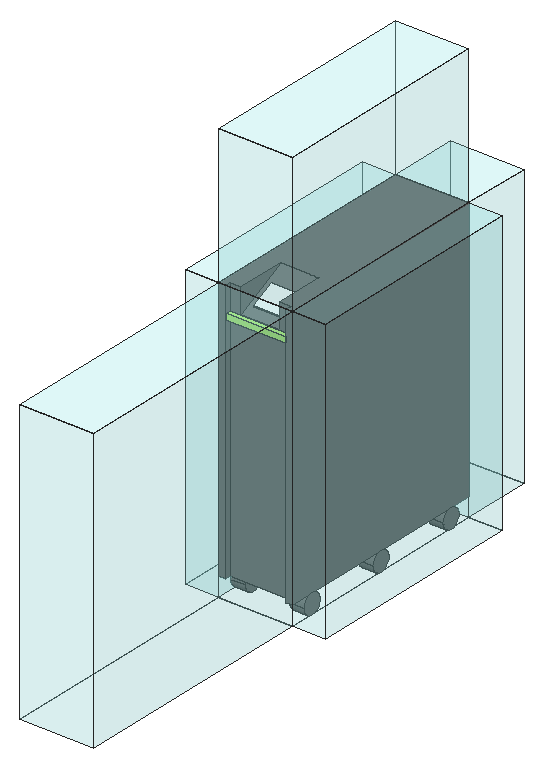
Revit family "Legrand-Ups-Keor_T_EVO-10_20kVA", category Installations électriques, Revit 2018
Family settings
  Conserver l'orientation des annotations = Non
  Cote de connecteur circulaire = Utiliser le diamètre
  Type d'élément = Normal
  Numéro OmniClass = 23.80.10.17.34
  Titre OmniClass = Static Uninterruptible Power Supplies
  Basée sur le plan de construction = Non
  Toujours verticalement = Oui
  Couper avec des vides une fois chargée = Non
  Partagée = Non
  Point de calcul de pièce = Non
Parameters (values of type "LG-310274")
  Visibilità aree d'installazione = yes
  URL = "https://ups.legrand.com/en/products/keor-t-keor-t-evo"
  General Conditions of Use = "https://export.legrand.com/en/terms-of-use-BIM-objects"
  Fabricant = "LEGRAND"
  Output power factor = 1
  Output Voltage = "380,400,415 Vac"
  Operating temperature = "from 0°C to +40°C"
  Operating altitude = "up to 1000 m altitude without derating"
  Modèle = "KEOR T EVO"
  Max sound pressure level = "< 51 dB at 1m"
  Installation type = "On the floor"
  Installation space = 0.20 m³
  Input / Output phase configuration = "3ph+N+PE / 3ph+N+PE"
  Humidity = "20-95% not condensing"
  Frequency of use = "50 Hz or 60 Hz selectable"
  Connection constraint (signal) = "Ahead and above/bottom"
  Connection constraint = "Behind and Bottom"
  Conductors = "Cables"
  Cabinet Depth = 800 mm
  Nominal Power = 15 kVA
  Weight = 163.0 kg
  Cabinet Width = 265 mm
  Back Clearance = 250 mm
  Side Clearance = 120 mm
  Front Clearance = 900 mm
  Cabinet Height = 1020 mm
  Active power of use = 15 kW
Types (9, lengths in mm): name | Nominal Power | Weight | Active power of use
  (no name) | 10 kVA | 78.0 kg | 10 kW
  LG-310270 | 10 kVA | 78.0 kg | 10 kW
  LG-310271 | 10 kVA | 145.0 kg | 10 kW
  LG-310272 | 10 kVA | 168.0 kg | 10 kW
  LG-310273 | 15 kVA | 79.0 kg | 15 kW
  LG-310274 | 15 kVA | 163.0 kg | 15 kW
  LG-310275 | 15 kVA | 180.0 kg | 15 kW
  LG-310276 | 20 kVA | 84.0 kg | 20 kW
  LG-310277 | 20 kVA | 185.0 kg | 20 kW
Reference planes
  plane 1 "Centro (Fronte/Retro)": y = 0
  plane 2: z = 0
  plane 3 "Centro (Sinistra/Destra)": x = 0
  plane 4: x = 132.5
  plane 5: x = -132.5
  plane 6: y = 400
  plane 7 "Piano Frontale": y = -400
  plane 8 "PIANO TETTO ARMADIO": z = 1020
  plane 9: z = 1520
  plane 10: y = -1300
  plane 11: x = 252.5
  plane 12: x = -252.5
  plane 13: y = 650
  plane 14: x = -70
  plane 15: x = 70
  plane 16: x = 50
  plane 17: x = -50
  plane 18: x = -80
  plane 19: x = 80
Forms (mm)
  Extrusion 1, solid
    sketch origin (0, 0, 0) x (1, 0, 0) y (0, 1, 0)
      loop
        line (-132.5, 400) -> (-132.5, -400) -> (132.5, -400) -> (132.5, 400) -> (-132.5, 400)
    from 0 to 1020
  Extrusion 2, void
    sketch origin (0, 0, 0) x (1, 0, 0) y (0, 1, 0)
      loop
        line (-110, -400) -> (110, -400) -> (110, -380) -> (-110, -380) -> (-110, -400)
    from 0 to 1020
  Extrusion 3, solid
    sketch origin (0, 0, 0) x (1, 0, 0) y (0, 1, 0)
      loop
        line (-252.5, 400) -> (-252.5, -400) -> (-132.5, -400) -> (-132.5, 400) -> (-252.5, 400)
      loop
        line (252.5, 400) -> (132.5, 400) -> (132.5, -400) -> (252.5, -400) -> (252.5, 400)
    from 0 to 1020
  Extrusion 4, solid
    sketch origin (1413.306, -400, 1200) x (1, 0, 0) y (0, 0, 1)
      loop
        line (-1545.806, 320) -> (-1545.806, -180) -> (-1280.806, -180) -> (-1280.806, 320) -> (-1545.806, 320)
    from -800 to 0
  Extrusion 5, solid
    sketch origin (0, 0, 0) x (1, 0, 0) y (0, 1, 0)
      loop
        line (-132.5, 650) -> (-132.5, 400) -> (132.5, 400) -> (132.5, 650) -> (-132.5, 650)
      loop
        line (-132.5, -400) -> (-132.5, -1300) -> (132.5, -1300) -> (132.5, -400) -> (-132.5, -400)
    from 0 to 1020
  Extrusion 6, void
    sketch origin (0, 0, 0) x (0, 1, 0) y (0, 0, 1)
      loop
        line (-400, 920) -> (-200, 1020) -> (-400, 1020) -> (-400, 920)
    from -70 to 70
  Extrusion 7, solid
    sketch origin (0, 0, 0) x (0, 1, 0) y (0, 0, 1)
      loop
        line (-344.631, 947.684) -> (-264.133, 987.934) -> (-265.474, 990.617) -> (-345.973, 950.368) -> (-344.631, 947.684)
    from -50 to 50
  Extrusion 8, solid
    sketch origin (0, 0, 0) x (0, 1, 0) y (0, 0, 1)
      loop
        line (-380, 930) -> (-400, 930) -> (-400, 910) -> (-380, 910) -> (-380, 930)
    from -110 to 110
  Extrusion 9, void
    sketch origin (1413.306, -400, 1200) x (-1, 0, 0) y (0, 0, 1)
      loop
        line (1545.806, -1130) -> (1280.806, -1130) -> (1280.806, -1200) -> (1545.806, -1200) -> (1545.806, -1130)
    from 0 to 800
  Extrusion 10, solid
    sketch origin (0, 0, 0) x (0, 1, 0) y (0, 0, 1)
      loop
        circle (-310.504, 34.612) r 35
      loop
        circle (1.125, 34.612) r 35
      loop
        circle (317.193, 34.612) r 35
    from -132.5 to 132.5
  Extrusion 11, void
    sketch origin (1413.306, -400, 1200) x (-1, 0, 0) y (0, 0, 1)
      loop
        line (1493.306, -1130) -> (1333.306, -1130) -> (1333.306, -1290) -> (1493.306, -1290) -> (1493.306, -1130)
    from 0 to 800
Cuts and joins
  Extrusion 2, Extrusion 6, Extrusion 9, Extrusion 11 cuts Extrusion 1
  Extrusion 6 cuts Extrusion 4
  Extrusion 6, Extrusion 9, Extrusion 11 cuts Extrusion 5
  Extrusion 9 cuts Extrusion 3
  Extrusion 11 cuts Extrusion 10
Dimensions and locks
  "Cabinet Width": plane 5 to plane 4
  equal spacing: plane 6, plane 1 "Centro (Fronte/Retro)", plane 7 "Piano Frontale"
  "Cabinet Depth": plane 6 to plane 7 "Piano Frontale"
  "Cabinet Height": plane 8 "PIANO TETTO ARMADIO" to level
  plane 9 to plane 8 "PIANO TETTO ARMADIO" = 500 mm
  "Front Clearance": plane 10 to plane 7 "Piano Frontale"
  "Side Clearance": plane 4 to plane 11
  "Side Clearance": plane 12 to plane 5
  locked: Extrusion 2 sketch curve to Extrusion 2 sketch curve at 220
  locked: Extrusion 1 to Extrusion 2 sketch curve at 20
  Extrusion 2 to plane 3 "Centro (Sinistra/Destra)" = 110 mm
  "Back Clearance": plane 13 to plane 6
  equal spacing: plane 5, plane 3 "Centro (Sinistra/Destra)", plane 4
  equal spacing: Extrusion 2 sketch curve, plane 3 "Centro (Sinistra/Destra)", Extrusion 2 sketch curve, locked at 110 each
  plane 15 to plane 3 "Centro (Sinistra/Destra)" to plane 14 = 70 mm locked, 70 mm locked
  locked: Extrusion 3 to Extrusion 6 sketch curve at 200
  locked: cut or joined group of Extrusion 5, Extrusion 6, Extrusion 9, Extrusion 11 to Extrusion 6 sketch curve at 100
  cut or joined group of Extrusion 1, Extrusion 2, Extrusion 6, Extrusion 9, Extrusion 11 to Extrusion 7 sketch curve = 3 mm
  plane 16 to plane 3 "Centro (Sinistra/Destra)" to plane 17 = 50 mm locked, 50 mm locked
  Extrusion 8 sketch curve to Extrusion 8 sketch curve = 20 mm
  plane 19 to plane 3 "Centro (Sinistra/Destra)" to plane 18 = 80 mm, 80 mm
  locked: Extrusion 9 sketch curve to level at 70
  aligned and locked: level to plane 2
  aligned and locked: Extrusion 1 sketch curve to plane 6
  aligned and locked: plane 5 to Extrusion 1 sketch curve
  aligned and locked: Extrusion 1 sketch curve to plane 7 "Piano Frontale"
  aligned and locked: Extrusion 1 sketch curve to plane 4
  aligned and locked: Extrusion 1 to level
  aligned and locked: plane 8 "PIANO TETTO ARMADIO" to Extrusion 1
  aligned and locked: plane 7 "Piano Frontale" to Extrusion 2 sketch curve
  aligned and locked: Extrusion 2 to level
  aligned and locked: Extrusion 3 sketch curve to plane 4
  aligned and locked: plane 6 to Extrusion 3 sketch curve
  aligned and locked: plane 7 "Piano Frontale" to Extrusion 3 sketch curve
  aligned and locked: plane 11 to Extrusion 3 sketch curve
  aligned and locked: Extrusion 3 sketch curve to plane 5
  aligned and locked: Extrusion 3 sketch curve to plane 6
  aligned and locked: Extrusion 3 sketch curve to plane 7 "Piano Frontale"
  aligned and locked: plane 12 to Extrusion 3 sketch curve
  aligned and locked: Extrusion 3 to level
  aligned and locked: plane 8 "PIANO TETTO ARMADIO" to Extrusion 3
  aligned and locked: plane 8 "PIANO TETTO ARMADIO" to Extrusion 4 sketch curve
  aligned and locked: Extrusion 4 sketch curve to plane 4
  aligned and locked: plane 5 to Extrusion 4 sketch curve
  aligned and locked: Extrusion 4 sketch curve to plane 9
  aligned and locked: plane 6 to Extrusion 4
  aligned and locked: plane 7 "Piano Frontale" to Extrusion 4
  aligned and locked: plane 7 "Piano Frontale" to Extrusion 5 sketch curve
  aligned and locked: Extrusion 5 sketch curve to plane 4  (x2)
  aligned and locked: plane 5 to Extrusion 5 sketch curve  (x2)
  aligned and locked: plane 10 to Extrusion 5 sketch curve
  aligned and locked: Extrusion 5 sketch curve to plane 13
  aligned and locked: plane 6 to Extrusion 5 sketch curve
  aligned and locked: Extrusion 5 to level
  aligned and locked: plane 8 "PIANO TETTO ARMADIO" to Extrusion 5
  aligned and locked: Extrusion 1 to Extrusion 2
  aligned and locked: Extrusion 6 sketch curve to plane 8 "PIANO TETTO ARMADIO"
  aligned and locked: plane 15 to Extrusion 6
  aligned and locked: Extrusion 6 to plane 14
  aligned and locked: Extrusion 7 to plane 16
  aligned and locked: plane 17 to Extrusion 7
  aligned and locked: cut or joined group of Extrusion 1, Extrusion 2, Extrusion 6, Extrusion 9, Extrusion 11 to Extrusion 8  (x2)
  aligned and locked: plane 5 to Extrusion 9 sketch curve
  aligned and locked: Extrusion 9 sketch curve to plane 4
  aligned and locked: plane 6 to Extrusion 9
  aligned and locked: plane 7 "Piano Frontale" to Extrusion 9
  aligned and locked: plane 4 to Extrusion 10
  aligned and locked: Extrusion 10 to plane 5
  aligned and locked: cut or joined group of Extrusion 1, Extrusion 2, Extrusion 6, Extrusion 9, Extrusion 11 to Extrusion 11 sketch curve
  aligned and locked: Extrusion 11 sketch curve to plane 18
  aligned and locked: plane 19 to Extrusion 11 sketch curve
  aligned and locked: plane 7 "Piano Frontale" to Extrusion 11
  aligned and locked: plane 6 to Extrusion 11
  aligned and locked: Extrusion 9 sketch curve to level
Automatic sketch dimensions
  Extrusion 6 sketch curve to plane 7 "Piano Frontale" = 0 mm
  Extrusion 7 sketch curve to plane 7 "Piano Frontale" = 54.027 mm
  Extrusion 7 sketch curve to plane 8 "PIANO TETTO ARMADIO" = 29.383 mm
  Extrusion 7 sketch curve to Extrusion 7 sketch curve = 1.342 mm
  Extrusion 8 sketch curve to plane 7 "Piano Frontale" = 0 mm
  Extrusion 8 sketch curve to plane 7 "Piano Frontale" = 20 mm
  Extrusion 8 sketch curve to plane 8 "PIANO TETTO ARMADIO" = 110 mm
  level to Extrusion 10 sketch curve = 34.612 mm  (x3)
  Extrusion 10 sketch curve to plane 7 "Piano Frontale" = 89.496 mm
  Extrusion 10 sketch curve to plane 1 "Centro (Fronte/Retro)" = 1.125 mm
  Extrusion 10 sketch curve to plane 6 = 82.807 mm
  Extrusion 11 sketch curve to level = 90 mm
  radius of Extrusion 10 sketch curve = 35 mm  (x3)
